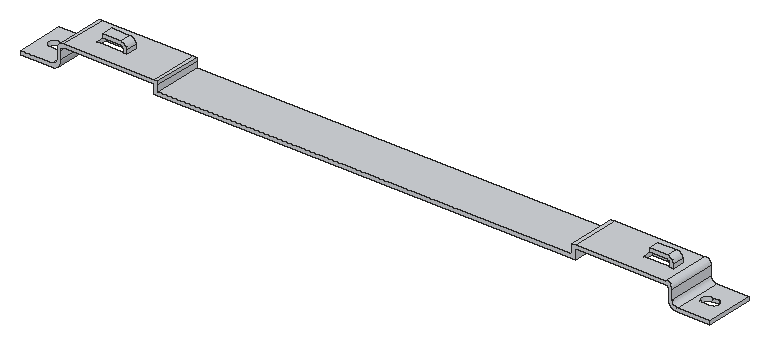
Revit family "Distanzbügel_500_FT_FS", category Generic Models, Revit 2017
Family settings
  Can host rebar = No
  Round Connector Dimension = Use Diameter
  Part Type = Normal
  Work Plane-Based = No
  Always vertical = Yes
  Cut with Voids When Loaded = No
  Shared = No
  Room Calculation Point = No
Parameters (values of type "DBLG 20 500 FT")
  Width 1 = 0 mm
  Width = 40 mm
  URL = "http://www.obo-bettermann.com"
  Material = Strip-galvanised
  Manufacturer Art.No. = "6015695"
  Manufacturer = "OBO BETTERMANN"
  Length 3 = Length / 2  # 283.6 mm
  Length 2 = Length 1 / 2  # 170.5 mm
  Length 1 = 341 mm
  Length = 567.2 mm
  GTIN = "4012195239260"
  Cut's space = 450 mm
  Cut's number = 2
  Article Type = "DBLG 20 500 FT"
Types (3, lengths in mm): name | Manufacturer Art.No. | GTIN | Article Type
  (no name) | "6015695" | "4012195239260" | "DBLG 20 500 FT"
  DBLG 20 500 FS | "6015693" | "4012195239222" | "DBLG 20 500 FS"
  DBLG 20 500 FT | "6015695" | "4012195239260" | "DBLG 20 500 FT"
Reference planes
  plane 1 "Center (Front/Back)": y = 0
  plane 2: z = 0
  plane 3 "Center (Left/Right)": x = 0
  plane 4: z = 20
  plane 5: x = -283.6
  plane 6: x = 283.6
  plane 7: z = 9.44
Forms (mm)
  Extrusion 1, solid
    sketch origin (0, 0, 0) x (1, 0, 0) y (0, 0, 1)
      loop
        line (-173.5, 17) -> (-173.5, 9.44) -> (-170.5, 9.44) -> (173.5, 9.44) -> (173.5, 17) -> (248, 17)
        arc (248, 17) -> (249.414, 16.414) -> (250, 15) r 2
        line (250, 15) -> (250, 7.5)
        arc (250, 7.5) -> (252.197, 2.197) -> (257.5, 0) r 7.5
        line (257.5, 0) -> (283.6, 0) -> (283.6, 3) -> (257.5, 3)
        arc (257.5, 3) -> (254.318, 4.318) -> (253, 7.5) r 4.5
        line (253, 7.5) -> (253, 15)
        arc (253, 15) -> (251.536, 18.536) -> (248, 20) r 5
        line (248, 20) -> (173.5, 20) -> (170.5, 20) -> (170.5, 17) -> (170.5, 12.44) -> (-170.5, 12.44) -> (-170.5, 17) -> (-170.5, 20) -> (-173.5, 20) -> (-248.02, 20)
        arc (-248.02, 20) -> (-251.556, 18.536) -> (-253.02, 15) r 5
        line (-253.02, 15) -> (-253.02, 7.5)
        arc (-253.02, 7.5) -> (-254.338, 4.318) -> (-257.52, 3) r 4.5
        line (-257.52, 3) -> (-283.6, 3) -> (-283.6, 0) -> (-257.52, 0)
        arc (-257.52, 0) -> (-252.217, 2.197) -> (-250.02, 7.5) r 7.5
        line (-250.02, 7.5) -> (-250.02, 15)
        arc (-250.02, 15) -> (-249.434, 16.414) -> (-248.02, 17) r 2
        line (-248.02, 17) -> (-173.5, 17)
    from -40 to 0
  Extrusion 2, void
    sketch origin (0, 0, 0) x (1, 0, 0) y (0, 1, 0)
      loop
        arc (-271.6, 24.5) -> (-276.1, 20) -> (-271.6, 15.5) r 4.5
        line (-271.6, 15.5) -> (-265.6, 15.5)
        arc (-265.6, 15.5) -> (-261.1, 20) -> (-265.6, 24.5) r 4.5
        line (-265.6, 24.5) -> (-271.6, 24.5)
    from 0 to 3
  Extrusion 3, void
    sketch origin (0, 0, 0) x (1, 0, 0) y (0, 1, 0)
      loop
        arc (265.8, 24.5) -> (261.3, 20) -> (265.8, 15.5) r 4.5
        line (265.8, 15.5) -> (271.6, 15.5)
        arc (271.6, 15.5) -> (276.1, 20) -> (271.6, 24.5) r 4.5
        line (271.6, 24.5) -> (265.8, 24.5)
    from 0 to 3
  Extrusion 4, void
    sketch origin (0, 0, 0) x (1, 0, 0) y (0, 1, 0)
      loop
        line (-233.2, 24.5) -> (-233.2, 15.5) -> (-211.2, 15.5) -> (-211.2, 24.5) -> (-233.2, 24.5)
    from 17 to 20
  Extrusion 5, void
    sketch origin (450, 0, 0) x (1, 0, 0) y (0, 1, 0)
      loop
        line (-233.2, 24.5) -> (-233.2, 15.5) -> (-211.2, 15.5) -> (-211.2, 24.5) -> (-233.2, 24.5)
    from 17 to 20
  Extrusion 6, solid
    sketch origin (0, 0, 0) x (1, 0, 0) y (0, 0, 1)
      loop
        line (-211.2, 20) -> (-208.2, 20) -> (-208.2, 23)
        arc (-208.2, 23) -> (-209.664, 26.536) -> (-213.2, 28) r 5
        line (-213.2, 28) -> (-228.139, 28) -> (-228.139, 25) -> (-213.2, 25)
        arc (-213.2, 25) -> (-211.786, 24.414) -> (-211.2, 23) r 2
        line (-211.2, 23) -> (-211.2, 20)
    from -24.5 to -15.5
  Extrusion 7, solid
    sketch origin (450, 0, 0) x (1, 0, 0) y (0, 0, 1)
      loop
        line (-211.2, 20) -> (-208.2, 20) -> (-208.2, 23)
        arc (-208.2, 23) -> (-209.664, 26.536) -> (-213.2, 28) r 5
        line (-213.2, 28) -> (-228.139, 28) -> (-228.139, 25) -> (-213.2, 25)
        arc (-213.2, 25) -> (-211.786, 24.414) -> (-211.2, 23) r 2
        line (-211.2, 23) -> (-211.2, 20)
    from -24.5 to -15.5
Cuts and joins
  Extrusion 2, Extrusion 3, Extrusion 4, Extrusion 5 cuts Extrusion 1
Dimensions and locks
  "Length": plane 6 to plane 5
  "Length 3": plane 3 "Center (Left/Right)" to plane 5
  locked: plane 4 to level at 20
  plane 4 to plane 7 = 10.56 mm
  locked: Extrusion 1 sketch curve to Extrusion 1 sketch curve at 3  (x2)
  Extrusion 1 sketch curve to Extrusion 1 sketch curve = 3 mm  (x2)
  plane 4 to Extrusion 1 sketch curve = 10.56 mm
  locked: Extrusion 1 sketch curve to level at 9.44
  "Width": Extrusion 1 to Extrusion 1
  locked: Extrusion 1 to Extrusion 2 sketch curve at 15.5
  locked: Extrusion 2 sketch curve to Extrusion 2 sketch curve at 9
  locked: Extrusion 1 to Extrusion 2 sketch curve at 7.5
  locked: Extrusion 1 to Extrusion 2 sketch curve at 22.5
  locked: Extrusion 3 sketch curve to Extrusion 3 sketch curve at 9
  locked: cut or joined group of Extrusion 1, Extrusion 2, Extrusion 3, Extrusion 4, Extrusion 5 to Extrusion 3 sketch curve at 15.5
  locked: Extrusion 3 sketch curve to cut or joined group of Extrusion 1, Extrusion 2, Extrusion 3, Extrusion 4, Extrusion 5 at 7.5
  locked: Extrusion 3 sketch curve to cut or joined group of Extrusion 1, Extrusion 2, Extrusion 3, Extrusion 4, Extrusion 5 at 22.3
  locked: cut or joined group of Extrusion 1, Extrusion 2, Extrusion 3, Extrusion 4, Extrusion 5 to cut or joined group of Extrusion 1, Extrusion 2, Extrusion 3, Extrusion 4, Extrusion 5 at 567.2
  "Length 1": cut or joined group of Extrusion 1, Extrusion 2, Extrusion 3, Extrusion 4, Extrusion 5 to cut or joined group of Extrusion 1, Extrusion 2, Extrusion 3, Extrusion 4, Extrusion 5
  Extrusion 4 sketch curve to Extrusion 4 sketch curve = 9 mm
  locked: Extrusion 4 sketch curve to Extrusion 4 sketch curve at 22
  cut or joined group of Extrusion 1, Extrusion 2, Extrusion 3, Extrusion 4, Extrusion 5 to Extrusion 4 sketch curve = 72.4 mm
  Extrusion 5 sketch curve to Extrusion 5 sketch curve = 9 mm
  locked: Extrusion 5 sketch curve to Extrusion 5 sketch curve at 22
  group 1 to group 2 = 450 mm
  group 1 to group 2 = 0 mm  (x2)
  locked: Extrusion 6 sketch curve to Extrusion 6 sketch curve at 3
  locked: Extrusion 6 sketch curve to Extrusion 6 sketch curve at 19.939
  locked: Extrusion 7 sketch curve to Extrusion 7 sketch curve at 3
  locked: Extrusion 7 sketch curve to Extrusion 7 sketch curve at 19.939
  group 3 to group 4 = 450 mm
  group 3 to group 4 = 0 mm  (x2)
  aligned and locked: level to plane 2
  aligned and locked: plane 5 to Extrusion 1 sketch curve
  aligned and locked: plane 6 to Extrusion 1 sketch curve
  aligned and locked: plane 1 "Center (Front/Back)" to Extrusion 1
  aligned and locked: Extrusion 2 to level
  aligned and locked: Extrusion 1 to Extrusion 2
  aligned and locked: Extrusion 3 to level
  aligned and locked: Extrusion 1 to Extrusion 3
  aligned and locked: Extrusion 1 sketch curve to level  (x2)
  aligned and locked: Extrusion 4 to Extrusion 1
  aligned and locked: Extrusion 1 to Extrusion 4
  aligned and locked: Extrusion 6 to cut or joined group of Extrusion 1, Extrusion 2, Extrusion 3, Extrusion 4, Extrusion 5
  aligned and locked: cut or joined group of Extrusion 1, Extrusion 2, Extrusion 3, Extrusion 4, Extrusion 5 to Extrusion 6
Automatic sketch dimensions
  Extrusion 1 sketch curve to Extrusion 1 sketch curve = 0 mm  (x11)
  Extrusion 1 sketch curve to plane 4 = 0 mm  (x2)
  plane 5 to Extrusion 1 sketch curve = 26.08 mm
  Extrusion 1 sketch curve to Extrusion 1 sketch curve = 4.5 mm
  Extrusion 1 sketch curve to plane 7 = 1.94 mm  (x2)
  Extrusion 1 sketch curve to Extrusion 1 sketch curve = 2 mm  (x2)
  Extrusion 1 sketch curve to Extrusion 1 sketch curve = 74.52 mm
  Extrusion 1 sketch curve to Extrusion 1 sketch curve = 3 mm  (x2)
  Extrusion 1 sketch curve to plane 6 = 113.1 mm
  Extrusion 1 sketch curve to plane 4 = 3 mm  (x3)
  Extrusion 1 sketch curve to plane 6 = 35.6 mm
  Extrusion 6 sketch curve to Extrusion 6 sketch curve = 0 mm  (x3)
  Extrusion 6 sketch curve to Extrusion 6 sketch curve = 2 mm
  Extrusion 6 sketch curve to Extrusion 6 sketch curve = 3 mm
  Extrusion 7 sketch curve to Extrusion 7 sketch curve = 0 mm  (x3)
  Extrusion 7 sketch curve to Extrusion 7 sketch curve = 2 mm
  Extrusion 7 sketch curve to Extrusion 7 sketch curve = 3 mm
